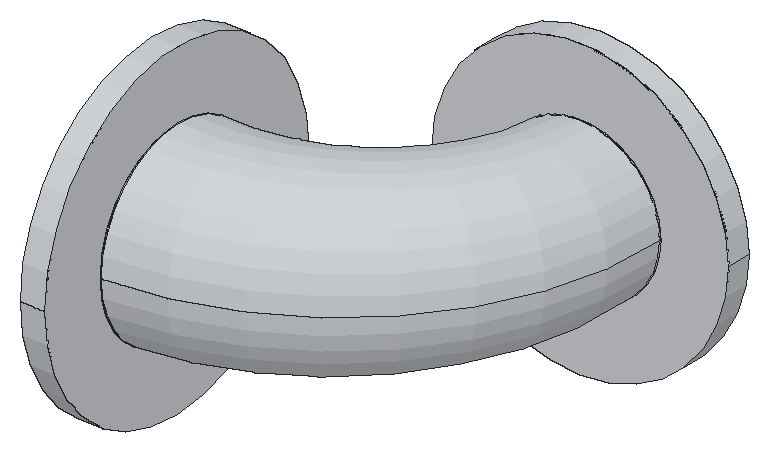
Revit family "8afb928cd7524b96b37448c97b916b5a", category Pipe Fittings, Revit 2021
Family settings
  Round Connector Dimension = Use Radius
  Part Type = Elbow
  OmniClass Number = 23.60.30.11.14
  OmniClass Title = Pipework Fittings
  Seek Item ID = Elbow Reducing - Flanged - GI - Class 25-0000-USA-ENU
  Work Plane-Based = No
  Always vertical = Yes
  Cut with Voids When Loaded = No
  Shared = No
Parameters (values of type "Standard")
  Wall Thickness 2 [instance] = size_lookup(Lookup Table Name, "WThk", 0.02 * Nominal Diameter 2 + 21/64", Nominal Diameter 2)  # 0.43307"
  Wall Thickness 1 [instance] = size_lookup(Lookup Table Name, "WThk", 0.02 * Nominal Diameter 1 + 21/64", Nominal Diameter 1)  # 0.43307"
  Tick Size 2 [instance] = Flange Diameter 2 * 0.4  # 3.6063"
  Tick Size 1 [instance] = Flange Diameter 1 * 0.4  # 4"
  Nominal Radius 2 [instance] = 2"
  Nominal Diameter 2 [instance] = Nominal Radius 2 * 2  # 4"
  Loss Method = K Coefficient from Table
  Lookup Table Name = "Elbow Reducing - Flanged - GI - Class 25"
  Length 8 [instance] = Center to Face - if(Max Nominal Diameter 12 = Nominal Diameter 1, Flange Thickness 1, Flange Thickness 2)  # 6.77165"
  Length 7 [instance] = Length 1 + Length 1 * cos(Angle) + (Flange Thickness 2 + Length 5) * cos(Angle)  # 6.77165"
  Length 6 [instance] = (Flange Thickness 2 + Length 5) * sin(Angle)  # 0.77928"
  Length 5 [instance] = if(Max Nominal Diameter 12 = Nominal Diameter 2, 1/32", if(Center to Face - Flange Thickness 2 - Length 1 > 1/32", Center to Face - Flange Thickness 2 - Length 1, 1/32"))  # 1/32"
  Length 4 [instance] = if(Max Nominal Diameter 12 = Nominal Diameter 1, 1/32", if(Center to Face - Flange Thickness 1 - Length 1 > 1/32", Center to Face - Flange Thickness 1 - Length 1, 1/32"))  # 1/32"
  Length 3 [instance] = Length 1 + Length 1 * cos(Angle)  # 6.77165"
  Length 2 [instance] = Length 1 * sin(Angle)  # 6.77165"
  Max Nominal Diameter 12 [instance] = if(Nominal Diameter 1 > Nominal Diameter 2, Nominal Diameter 1, Nominal Diameter 2)  # 5"
  K Coefficient Table = "Regular Flanged 90 and 180 Elbow"
  Flange Thickness 2 [instance] = size_lookup(Lookup Table Name, "FThk", 0.03 * Nominal Diameter 2 + 169/256", Nominal Diameter 2)  # 0.74803"
  Flange Radius 2 [instance] = Flange Diameter 2 / 2  # 4.50787"
  Flange Diameter 2 [instance] = size_lookup(Lookup Table Name, "FDia", 1.16 * Nominal Diameter 2 + 4 11/16", Nominal Diameter 2)  # 9.01575"
  Fitting Outside Radius 2 [instance] = Fitting Outside Diameter 2 / 2  # 2.44094"
  Fitting Outside Radius 1 [instance] = Fitting Outside Diameter 1 / 2  # 2.93307"
  Fitting Outside Diameter 2 [instance] = Fitting Inside Diameter 2 + Wall Thickness 2 * 2  # 4.88189"
  Fitting Outside Diameter 1 [instance] = Fitting Inside Diameter 1 + Wall Thickness 1 * 2  # 5.86614"
  Length 1 [instance] = if(Max Nominal Diameter 12 * tan(Angle / 2) > Length 8, Max Nominal Diameter 12 * tan(Angle / 2) + 1/32", Length 8)  # 6.77165"
  Nominal Radius 1 [instance] = 2 1/2"
  Nominal Diameter 1 [instance] = Nominal Radius 1 * 2  # 5"
  Fitting Inside Diameter 2 [instance] = size_lookup(Lookup Table Name, "FID", 1.02 * Nominal Diameter 2 - 0", Nominal Diameter 2)  # 4.01575"
  Fitting Inside Diameter 1 [instance] = size_lookup(Lookup Table Name, "FID", 1.02 * Nominal Diameter 1 - 0", Nominal Diameter 1)  # 5"
  Default Elevation = 0' - 0"
  Center to Face [instance] = size_lookup(Lookup Table Name, "CtF", 0.67 * Max Nominal Diameter 12 + 4 89/256", Max Nominal Diameter 12)  # 7.51969"
  Center Radius [instance] = Length 1 / tan(Angle / 2)  # 6.77165"
  Flange Thickness 1 [instance] = size_lookup(Lookup Table Name, "FThk", 0.03 * Nominal Diameter 1 + 169/256", Nominal Diameter 1)  # 0.74803"
  Flange Radius 1 [instance] = Flange Diameter 1 / 2  # 5"
  Flange Diameter 1 [instance] = size_lookup(Lookup Table Name, "FDia", 1.16 * Nominal Diameter 1 + 4 11/16", Nominal Diameter 1)  # 10"
  Assembly Code = ""
  Angle [instance] = 90.00°
Reference planes (in)
  plane 1 "Center (Front/Back)": y = 0
  plane 2: z = 0
  plane 3 "Center (Left/Right)": x = 0
  plane 4: x = -6.77165
  plane 5: y = 6.77165
  plane 6: x = 0
  plane 7: y = 6.77165
  plane 8: x = -6.8029
  plane 9: x = -7.55094
  plane 10: x = 0
  plane 11: y = 7.55094
Forms (in)
  SweptBlend 1, solid, detail levels fine
    path in 3D
      loop
        arc (-6.77165, 0, 0) -> (-1.98337, 1.98337, 0) -> (0, 6.77165, 0) r 6.77165
    profile origin (-6.77165, 0, 0) x (0, 1, 0) y (0, 0, 1)
      loop
        circle (0, 0) r 2.93307
    end profile origin (0, 6.77165, 0) x (-1, 0, 0) y (0, 0, 1)
      loop
        circle (0, 0) r 2.44094
  Sweep 2, solid, detail levels fine
    path in 3D
      loop
        line (-6.8029, 0, 0) -> (-6.77165, 0, 0)
    profile origin (-6.78728, 0, 0) x (0, 1, 0) y (0, 0, 1)
      loop
        circle (0, 0) r 2.93307
  Sweep 3, solid, detail levels fine
    path in 3D
      loop
        line (0, 6.77165, 0) -> (0, 6.8029, 0)
    profile origin (0, 6.78728, 0) x (-1, 0, 0) y (0, 0, 1)
      loop
        circle (0, 0) r 2.44094
  Sweep 4, solid, detail levels fine
    path in 3D
      loop
        line (-6.8029, 0, 0) -> (-7.55094, 0, 0)
    profile origin (-7.17692, 0, 0) x (0, -1, 0) y (0, 0, 1)
      loop
        circle (0, 0) r 5
  Sweep 5, solid, detail levels fine
    path in 3D
      loop
        line (0, 6.8029, 0) -> (0, 7.55094, 0)
    profile origin (0, 7.17692, 0) x (-1, 0, 0) y (0, 0, 1)
      loop
        circle (0, 0) r 4.50787
Cuts and joins
  joined: Sweep 2, Sweep 4
  joined: Sweep 3, Sweep 5
Lines and regions (in)
  model lines, detail levels coarse+medium
    curve 1: arc (-6.77165, 0, 0) -> (-1.98337, 1.98337, 0) -> (0, 6.77165, 0) r 6.77165
    curve 2: line (-6.8029, 0, 0) -> (-6.77165, 0, 0)
    curve 3: line (-6.8029, 0, 0) -> (-7.55094, 0, 0)
    curve 4: line (0, 6.77165, 0) -> (0, 6.8029, 0)
    curve 5: line (0, 6.8029, 0) -> (0, 7.55094, 0)
    curve 11: line (-7.55094, 0, 0) -> (-7.55094, 4, 0)
    curve 12: line (-7.55094, 0, 0) -> (-7.55094, -4, 0)
    curve 13: line (0, 7.55094, 0) -> (3.6063, 7.55094, 0)
    curve 14: line (0, 7.55094, 0) -> (-3.6063, 7.55094, 0)
  sketch lines
    curve 6: arc (-6.77165, 0, 0) -> (-1.98337, 1.98337, 0) -> (0, 6.77165, 0) r 6.77165
    curve 7: line (-6.8029, 0, 0) -> (-6.77165, 0, 0)
    curve 8: line (0, 6.77165, 0) -> (0, 6.8029, 0)
    curve 9: line (-6.8029, 0, 0) -> (-7.55094, 0, 0)
    curve 10: line (0, 6.8029, 0) -> (0, 7.55094, 0)
Dimensions and locks (in)
  "Length 1": plane 4 to plane 3 "Center (Left/Right)"
  "Center Radius": plane 5 to plane 1 "Center (Front/Back)"
  "Length 3": plane 4 to plane 6
  "Length 2": plane 7 to plane 1 "Center (Front/Back)"
  "Length 4": plane 8 to plane 4
  "Flange Thickness 1": plane 9 to plane 8
  "Length 5": curve 4 to curve 4
  "Flange Thickness 2": curve 5 to curve 5
  "Length 6": plane 11 to plane 7
  "Tick Size 1": curve 11 to curve 11
  "Tick Size 1": curve 12 to curve 12
  "Tick Size 2": curve 13 to curve 13
  "Tick Size 2": curve 14 to curve 14
  "Length 7": plane 4 to plane 10
  "Fitting Outside Radius 1": radius of SweptBlend 1 sketch curve
  "Fitting Outside Radius 2": radius of SweptBlend 1 sketch curve
  "Fitting Outside Radius 1": radius of Sweep 2 sketch curve
  "Fitting Outside Radius 2": radius of Sweep 3 sketch curve
  "Flange Radius 1": radius of Sweep 4 sketch curve
  "Flange Radius 2": radius of Sweep 5 sketch curve
  "Angle": angle curve 1 to curve 1
  "Angle": angle plane 7 to curve 4
  "Angle": angle plane 7 to curve 5
  locked: curve 13 to curve 5 (angle 90.00°)
  locked: curve 5 to curve 14 (angle 90.00°)
  aligned and locked: plane 4 to curve 1
  aligned and locked: plane 1 "Center (Front/Back)" to curve 1
  aligned and locked: plane 1 "Center (Front/Back)" to curve 2
  aligned and locked: plane 8 to curve 3
  aligned and locked: plane 6 to curve 4
  aligned and locked: plane 1 "Center (Front/Back)" to curve 12
  aligned and locked: curve 12 to plane 9
Automatic sketch dimensions
  SweptBlend 1 sketch curve to profile plane = 0' - 0"  (x4)
  Sweep 2 sketch curve to profile plane = 0' - 0"  (x2)
  Sweep 3 sketch curve to profile plane = 0' - 0"  (x2)
  Sweep 4 sketch curve to profile plane = 0' - 0"  (x2)
  Sweep 5 sketch curve to profile plane = 0' - 0"  (x2)
Connectors (in)
  piping at (-7.55094, 0, 0), diameter 5, driven by "Nominal Radius 1", driven by "Angle"
    settings: on Sweep 4, index 1, connector inside diameter 5", connector length 0' - 0", flow factor 0, pipe flow 0 GPM, pressure drop 0.00 psi, fitting loss kfactor 0, connector angle 90.00°, fixture units 0, engagement length 0' - 0", angle of deflection 0.00°, flow configuration 0, flow direction 0, fitting loss method 0, system type 28, joint type 0, gender type 0, connector reference index 2, connector utility 0, adjustable connector no, is connector primary yes, connector description ""
  piping at (0, 7.55094, 0), diameter 4, driven by "Angle", driven by "Nominal Radius 2"
    settings: on Sweep 5, index 2, connector inside diameter 4", connector length 0' - 0", flow factor 0, pipe flow 0 GPM, pressure drop 0.00 psi, fitting loss kfactor 0, connector angle 90.00°, fixture units 0, engagement length 0' - 0", angle of deflection 0.00°, flow configuration 0, flow direction 0, fitting loss method 0, system type 28, joint type 0, gender type 0, connector reference index 1, connector utility 0, adjustable connector no, is connector primary no, connector description ""
